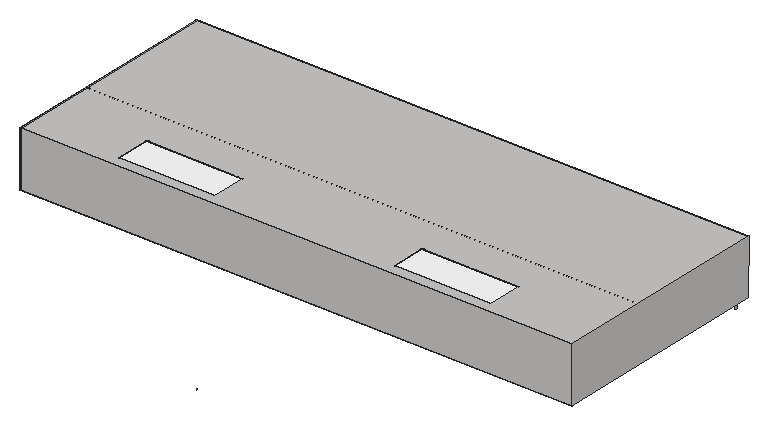
Revit family "QF_ELECTROLUXPROFESSIONAL_640208_EPF1640", category Attrezzature speciali, Revit 2021
Family settings
  Quota connettore circolare = Usa diametro
  Tipo di parte = Normale
  Basato su piano di lavoro = No
  Sempre verticale = Sì
  Taglio con vuoti quando caricato = No
  Condiviso = No
  Punto di calcolo locali = No
Parameters (values of type "Standard")
  Weight = 143.00 kg
  Watts = 0 W
  Volts = 0 V
  URL Manufacturer = "https://www.electroluxprofessional.com/"
  URL = "https://www.electroluxprofessional.com/"
  Steam Supply Size = 0 mm
  Steam Supply Minimum Pressure = 0.0 Pa
  Steam Supply Maximum Pressure = 0.0 Pa
  Steam Consumption per Hour = 0
  Refrigeration Suction Line Size = 0 mm
  Refrigeration Liquid Line Size = 0 mm
  Refrigerant Compressor Remote = yes
  Prospetto di default = 0 mm
  Produttore = "Electrolux Professional"
  Phase = 0
  Modello = "EPF1640"
  Length Actual = 4000 mm  # constant formula
  Item Number = "640208"
  Hot Water Size = 0 mm
  Height Actual = 400 mm  # constant formula
  HP = "0 HP"
  Gas Size = 0 mm
  Gas KW = 0
  Gas Input Pressure = 0 W
  Direct Waste Size = 0 mm
  Descrizione = "304 S/S WALL HOOD+FILTERS 400X160 CM"
  Depth Actual = 1600 mm  # constant formula
  Cycle = 0 Hz
  Condensate Return Size = 0 mm
  Compressed Air Volume = 0.0 L/s
  Compressed Air Size = 0 mm
  Compressed Air Pressure = 0.0 Pa
  Cold Water Size = 0 mm
  Accessory = yes
Reference planes
  plane 1: z = 0
  plane 2 "Center (Left/Right)": x = 150
  plane 3 "LEFT": x = -1850
  plane 4 "RIGHT": x = 2150
  plane 5 "BACK": y = 550
  plane 6 "TOP": z = 2400
  plane 7 "Base": z = 2000
  plane 8: z = 1970
  plane 9 "DrainY": y = 450
  plane 10: x = -1847
  plane 11: y = -720
  plane 12: y = -970
  plane 13 "DrainX": x = 2137
  plane 14 "AOLeft2": x = -500
  plane 15 "AORight1": x = 800
  plane 16: x = 2147
  plane 17: x = -1650
  plane 18: x = 1950
  plane 19: through (0, -449.6, 2399.19) normal (0, -0.5736, 0.8192)
  plane 20: x = 50
  plane 21: x = 250
  plane 22 "Center (Front/Back)": y = -250
  plane 23 "Front": y = -1050
  plane 24 "AOLeft1": x = -1200
  plane 25 "AORight2": x = 1500
Forms (mm)
  Extrusion 1, solid, material "QF_Finishes_Stainless Steel"
    sketch origin (-1850, 0, 360) x (0, 1, 0) y (0, 0, 1)
      loop
        line (550, 1640) -> (550, 2040) -> (-1050, 2040) -> (-1050, 1640) -> (550, 1640)
    from 0 to 3
  Extrusion 2, solid, material "QF_Finishes_Stainless Steel"
    sketch origin (2150, 0, 360) x (0, 1, 0) y (0, 0, 1)
      loop
        line (550, 1640) -> (550, 2040) -> (-1050, 2040) -> (-1050, 1640) -> (550, 1640)
    from 0 to -3
  Extrusion 3, solid, material "QF_Finishes_Stainless Steel"
    sketch origin (150, 0, 360) x (0, 1, 0) y (0, 0, 1)
      loop
        line (-1050, 2040) -> (-1050, 1640) -> (-1040, 1640) -> (-1040, 1640.8) -> (-1049.2, 1640.8) -> (-1049.2, 2039.19) -> (549.2, 2039.19) -> (549.2, 1640.8) -> (540, 1640.8) -> (540, 1640) -> (550, 1640) -> (550, 2040) -> (-1050, 2040)
    from -2000 to 2000
  Extrusion 4, solid, material "QF_Finishes_Stainless Steel"
    sketch origin (0, 0, 2000) x (0, 1, 0) y (-1, 0, 0)
      loop
        circle (450, -2137) r 4.763
    from -30 to 0
  Extrusion 5, void
    sketch origin (0, 0, 2400) x (0, 1, 0) y (-1, 0, 0)
      loop
        line (-720, 500) -> (-720, 1200) -> (-970, 1200) -> (-970, 500) -> (-720, 500)
    from 0 to -10
  Extrusion 6, solid, material "QF_Finishes_Stainless Steel"
    sketch origin (0, 0, 0) x (1, 0, 0) y (0, 1, 0)
      loop
        line (-1850, 550) -> (-1850, 549) -> (-1849, 549) -> (-1849, 550) -> (-1850, 550)
    from 0 to 1
  Extrusion 7, solid, material "QF_Finishes_Stainless Steel"
    sketch origin (150, 0, 360) x (0, 1, 0) y (0, 0, 1)
      loop
        line (-531.515, 1981.832) -> (-534.381, 1985.926) -> (-973.276, 1678.608) -> (-970.553, 1674.415) -> (-531.515, 1981.832)
    from -1800 to -1997
  Extrusion 8, solid, material "QF_Finishes_Stainless Steel"
    sketch origin (150, 0, 360) x (0, 1, 0) y (0, 0, 1)
      loop
        line (-1050, 2039.19) -> (-1050, 1640) -> (-1019.702, 1640) -> (-970.553, 1674.415) -> (-978.723, 1686.995) -> (-979.394, 1686.559) -> (-971.645, 1674.627) -> (-1019.955, 1640.8) -> (-1049.2, 1640.8) -> (-1049.2, 2039.19) -> (-1050, 2039.19)
      loop
        line (-449.6, 2039.19) -> (-450.995, 2039.19) -> (-531.319, 1982.947) -> (-539.464, 1994.578) -> (-540.119, 1994.12) -> (-531.515, 1981.832) -> (-449.6, 2039.19)
    from -1997 to 1997
  Extrusion 9, solid, material "QF_Finishes_Stainless Steel"
    sketch origin (150, 0, 360) x (0, 1, 0) y (0, 0, 1)
      loop
        line (-531.515, 1981.832) -> (-534.381, 1985.926) -> (-973.276, 1678.608) -> (-970.553, 1674.415) -> (-531.515, 1981.832)
    from 1997 to 1800
  Extrusion 10, solid, material "QF_Finishes_Stainless Steel"
    sketch origin (150, 0, 360) x (0, 1, 0) y (0, 0, 1)
      loop
        line (-531.515, 1981.832) -> (-534.381, 1985.926) -> (-973.276, 1678.608) -> (-970.553, 1674.415) -> (-531.515, 1981.832)
    from -100 to 100
  Extrusion 11, solid, material "QF_Finished_Chrome"
    sketch origin (150, 0, 360) x (0, 1, 0) y (0, 0, 1)
      loop
        line (-531.515, 1981.832) -> (-534.381, 1985.926) -> (-973.276, 1678.608) -> (-970.553, 1674.415) -> (-531.515, 1981.832)
    from -1800 to -100
  Extrusion 12, solid, material "QF_Finished_Chrome"
    sketch origin (150, 0, 360) x (0, 1, 0) y (0, 0, 1)
      loop
        line (-531.515, 1981.832) -> (-534.381, 1985.926) -> (-973.276, 1678.608) -> (-970.553, 1674.415) -> (-531.515, 1981.832)
    from 100 to 1800
  Sweep 13, solid, material "QF_Finishes_Stainless Steel"
    path origin (0, 0, 0) x (1, 0, 0) y (0, 1, 0)
      loop
        line (2150, 550) -> (-1850, 550) -> (-1850, -1050) -> (2150, -1050) -> (2150, 550)
    profile origin (2150, -250, 0) x (1, 0, 0) y (0, 0, 1)
      loop
        line (-3, 2000) -> (-3, 2000.8) -> (-19, 2000.8) -> (-19, 2010) -> (-20, 2010) -> (-20, 2000) -> (-3, 2000)
  Extrusion 14, solid, material "QF_Finishes_Stainless Steel"
    sketch origin (150, 0, 0) x (0, 1, 0) y (0, 0, 1)
      loop
        line (108.687, 2305.487) -> (549.2, 2040.8) -> (549.2, 2041.733) -> (109.285, 2306.061) -> (-443.438, 2399.19) -> (-445.739, 2399.19) -> (108.687, 2305.487)
    from -1997 to 1997
  Extrusion 15, void
    sketch origin (0, 0, 2400) x (0, 1, 0) y (-1, 0, 0)
      loop
        line (-720, -1500) -> (-720, -800) -> (-970, -800) -> (-970, -1500) -> (-720, -1500)
    from 0 to -10
Cuts and joins
  Extrusion 5, Extrusion 15 cuts Extrusion 3
  joined: Extrusion 2, Extrusion 3, Sweep 13
Lines and regions (mm)
  symbolic lines, style "SpecialityEquipment", detail levels coarse
    curve 1: line (2150, 550, 2400) -> (-1850, 550, 2400)
    curve 2: line (-1850, 550, 2400) -> (-1850, -1050.8, 2400)
    curve 3: line (2150, -1050.8, 2400) -> (2150, 550, 2400)
    curve 4: line (-1850, 550, 0) -> (2150, -1050, 0)
    curve 5: line (2150, 550, 0) -> (-1850, -1050, 0)
  symbolic lines, detail levels coarse
    curve 6: line (-1850, -1050, 0) -> (2150, -1050, 0)
    curve 7: line (-500, -720, 0) -> (-1200, -720, 0)
    curve 8: line (-500, -970, 0) -> (-500, -720, 0)
    curve 9: line (-1200, -970, 0) -> (-500, -970, 0)
    curve 10: line (-1200, -720, 0) -> (-1200, -970, 0)
    curve 11: line (1500, -720, 0) -> (800, -720, 0)
    curve 12: line (1500, -970, 0) -> (1500, -720, 0)
    curve 13: line (800, -970, 0) -> (1500, -970, 0)
    curve 14: line (800, -720, 0) -> (800, -970, 0)
Dimensions and locks
  plane 3 "LEFT" to plane 4 "RIGHT" = 4000 mm
  equal spacing: plane 3 "LEFT", plane 2 "Center (Left/Right)", plane 4 "RIGHT"
  plane 7 "Base" to plane 8 = 30 mm
  plane 5 "BACK" to plane 9 "DrainY" = 100 mm  (x2)
  plane 3 "LEFT" to plane 10 = 3 mm
  plane 13 "DrainX" to plane 4 "RIGHT" = 13 mm
  plane 16 to plane 4 "RIGHT" = 3 mm
  plane 3 "LEFT" to plane 17 = 200 mm
  plane 18 to plane 4 "RIGHT" = 200 mm
  locked: plane 14 "AOLeft2" to plane 15 "AORight1" at 1300
  equal spacing: plane 14 "AOLeft2", plane 2 "Center (Left/Right)", plane 15 "AORight1"
  locked: plane 7 "Base" to level at 2000
  locked: plane 6 "TOP" to plane 7 "Base" at 400
  locked: plane 20 to plane 21 at 200
  equal spacing: plane 20, plane 2 "Center (Left/Right)", plane 21
  locked: plane 11 to plane 12 at 250
  plane 5 "BACK" to plane 23 "Front" = 1600 mm  (x2)
  equal spacing: plane 5 "BACK", plane 22 "Center (Front/Back)", plane 23 "Front"
  plane 12 to plane 23 "Front" = 80 mm
  plane 24 "AOLeft1" to plane 14 "AOLeft2" = 700 mm
  plane 15 "AORight1" to plane 25 "AORight2" = 700 mm
  aligned and locked: level to plane 1
  aligned and locked: plane 4 "RIGHT" to Extrusion 3
  aligned and locked: Extrusion 3 to plane 3 "LEFT"
  aligned and locked: Extrusion 5 to plane 12
  aligned and locked: Extrusion 5 to plane 11
  aligned and locked: Extrusion 7 to plane 10
  aligned and locked: Extrusion 7 to plane 17
  aligned and locked: Extrusion 2 to plane 16
  aligned and locked: plane 16 to Extrusion 9
  aligned and locked: plane 18 to Extrusion 9
  aligned and locked: Extrusion 10 to plane 21
  aligned and locked: Extrusion 10 to plane 20
  aligned and locked: Extrusion 11 to plane 20
  aligned and locked: plane 17 to Extrusion 11
  aligned and locked: Extrusion 12 to plane 21
  aligned and locked: Extrusion 12 to plane 18
  aligned and locked: Extrusion 14 to plane 10
  aligned and locked: plane 16 to Extrusion 14
  aligned and locked: Extrusion 8 to plane 10
  aligned and locked: Extrusion 8 to plane 16
  aligned and locked: Extrusion 1 to plane 23 "Front"
  aligned and locked: Extrusion 5 to plane 24 "AOLeft1"
  aligned and locked: Extrusion 5 to plane 14 "AOLeft2"
  aligned and locked: plane 15 "AORight1" to Extrusion 15
  aligned and locked: plane 25 "AORight2" to Extrusion 15
Automatic sketch dimensions
  curve 6 to plane 3 "LEFT" = 0 mm
  curve 4 to plane 3 "LEFT" = 0 mm
  curve 5 to plane 4 "RIGHT" = 0 mm
  curve 6 to plane 4 "RIGHT" = 0 mm
  curve 4 to plane 23 "Front" = 0 mm
  curve 5 to plane 5 "BACK" = 0 mm
  curve 4 to plane 5 "BACK" = 0 mm
  curve 2 to plane 3 "LEFT" = 0 mm
  curve 3 to plane 4 "RIGHT" = 0 mm
  curve 2 to plane 5 "BACK" = 0 mm
  curve 3 to plane 23 "Front" = 0.8 mm
  curve 2 to plane 23 "Front" = 0.8 mm
  Extrusion 1 sketch curve to plane 7 "Base" = 0 mm
  Extrusion 1 sketch curve to plane 23 "Front" = 0 mm
  Extrusion 1 sketch curve to plane 5 "BACK" = 0 mm
  Extrusion 1 sketch curve to plane 6 "TOP" = 0 mm
  Extrusion 2 sketch curve to plane 7 "Base" = 0 mm
  Extrusion 2 sketch curve to plane 23 "Front" = 0 mm
  Extrusion 2 sketch curve to plane 5 "BACK" = 0 mm
  Extrusion 2 sketch curve to plane 6 "TOP" = 0 mm
  Extrusion 3 sketch curve to plane 6 "TOP" = 0 mm
  Extrusion 3 sketch curve to plane 23 "Front" = 0 mm
  Extrusion 3 sketch curve to plane 7 "Base" = 0 mm  (x2)
  Extrusion 3 sketch curve to plane 5 "BACK" = 0 mm
  plane 23 "Front" to Extrusion 3 sketch curve = 0.8 mm
  Extrusion 3 sketch curve to Extrusion 3 sketch curve = 9.2 mm
  plane 7 "Base" to Extrusion 3 sketch curve = 0.8 mm  (x2)
  Extrusion 3 sketch curve to plane 5 "BACK" = 10 mm
  Extrusion 3 sketch curve to plane 5 "BACK" = 0.8 mm
  Extrusion 3 sketch curve to plane 6 "TOP" = 0.81 mm
  Extrusion 4 sketch curve to plane 9 "DrainY" = 0 mm
  Extrusion 4 sketch curve to plane 13 "DrainX" = 0 mm
  Extrusion 5 sketch curve to plane 12 = 0 mm
  plane 11 to Extrusion 5 sketch curve = 0 mm
  Extrusion 5 sketch curve to plane 14 "AOLeft2" = 0 mm
  Extrusion 5 sketch curve to plane 24 "AOLeft1" = 0 mm
  Extrusion 6 sketch curve to plane 3 "LEFT" = 0 mm
  Extrusion 6 sketch curve to plane 5 "BACK" = 0 mm
  plane 3 "LEFT" to Extrusion 6 sketch curve = 1 mm
  Extrusion 6 sketch curve to Extrusion 6 sketch curve = 1 mm
  Extrusion 7 sketch curve to plane 19 = 0 mm  (x2)
  Extrusion 7 sketch curve to plane 12 = 3.276 mm
  Extrusion 7 sketch curve to plane 12 = 0.553 mm
  Extrusion 7 sketch curve to plane 6 "TOP" = 54.074 mm
  Extrusion 7 sketch curve to plane 11 = 185.619 mm
  Extrusion 8 sketch curve to plane 23 "Front" = 0 mm
  Extrusion 8 sketch curve to plane 7 "Base" = 0 mm
  Extrusion 8 sketch curve to plane 19 = 0 mm  (x4)
  plane 23 "Front" to Extrusion 8 sketch curve = 0.8 mm
  Extrusion 8 sketch curve to Extrusion 8 sketch curve = 0.252 mm
  Extrusion 8 sketch curve to plane 12 = 9.394 mm
  Extrusion 8 sketch curve to Extrusion 8 sketch curve = 0.671 mm
  Extrusion 8 sketch curve to plane 12 = 1.645 mm
  Extrusion 8 sketch curve to plane 12 = 0.553 mm
  Extrusion 8 sketch curve to plane 6 "TOP" = 45.88 mm
  Extrusion 8 sketch curve to plane 11 = 179.881 mm
  Extrusion 8 sketch curve to plane 6 "TOP" = 45.422 mm
  Extrusion 8 sketch curve to plane 6 "TOP" = 57.053 mm
  Extrusion 8 sketch curve to plane 6 "TOP" = 0.81 mm  (x2)
  plane 7 "Base" to Extrusion 8 sketch curve = 0.8 mm
  Extrusion 8 sketch curve to Extrusion 8 sketch curve = 0.212 mm
  Extrusion 9 sketch curve to plane 19 = 0 mm  (x2)
  Extrusion 9 sketch curve to plane 12 = 3.276 mm
  Extrusion 9 sketch curve to plane 12 = 0.553 mm
  Extrusion 9 sketch curve to plane 6 "TOP" = 54.074 mm
  Extrusion 9 sketch curve to plane 11 = 185.619 mm
  Extrusion 10 sketch curve to plane 19 = 0 mm  (x2)
  Extrusion 10 sketch curve to plane 12 = 3.276 mm
  Extrusion 10 sketch curve to plane 12 = 0.553 mm
  Extrusion 10 sketch curve to plane 6 "TOP" = 54.074 mm
  Extrusion 10 sketch curve to plane 11 = 185.619 mm
  Extrusion 11 sketch curve to plane 19 = 0 mm  (x2)
  Extrusion 11 sketch curve to plane 12 = 3.276 mm
  Extrusion 11 sketch curve to plane 12 = 0.553 mm
  Extrusion 11 sketch curve to plane 6 "TOP" = 54.074 mm
  Extrusion 11 sketch curve to plane 11 = 185.619 mm
  Extrusion 12 sketch curve to plane 19 = 0 mm  (x2)
  Extrusion 12 sketch curve to plane 12 = 3.276 mm
  Extrusion 12 sketch curve to plane 12 = 0.553 mm
  Extrusion 12 sketch curve to plane 6 "TOP" = 54.074 mm
  Extrusion 12 sketch curve to plane 11 = 185.619 mm
  Sweep 13 sketch curve to plane 3 "LEFT" = 0 mm
  Sweep 13 sketch curve to plane 4 "RIGHT" = 0 mm
  Sweep 13 sketch curve to plane 23 "Front" = 0 mm
  Sweep 13 sketch curve to plane 5 "BACK" = 0 mm
  profile plane to Sweep 13 sketch curve = 20 mm
  Sweep 13 sketch curve to Sweep 13 sketch curve = 1 mm
  profile plane to Sweep 13 sketch curve = 3 mm
  level to Sweep 13 sketch curve = 2000 mm
  Sweep 13 sketch curve to Sweep 13 sketch curve = 0.8 mm
  Sweep 13 sketch curve to Sweep 13 sketch curve = 9.2 mm
  Extrusion 14 sketch curve to plane 6 "TOP" = 0.81 mm
  Extrusion 14 sketch curve to plane 22 "Center (Front/Back)" = 195.739 mm
  Extrusion 14 sketch curve to Extrusion 14 sketch curve = 2.3 mm
  Extrusion 14 sketch curve to plane 6 "TOP" = 94.513 mm
  Extrusion 14 sketch curve to plane 9 "DrainY" = 341.313 mm
  Extrusion 14 sketch curve to plane 6 "TOP" = 93.939 mm
  Extrusion 14 sketch curve to Extrusion 14 sketch curve = 0.598 mm
  Extrusion 14 sketch curve to plane 5 "BACK" = 0.8 mm
  plane 7 "Base" to Extrusion 14 sketch curve = 41.733 mm
  Extrusion 14 sketch curve to Extrusion 14 sketch curve = 0.933 mm
  Extrusion 15 sketch curve to plane 12 = 0 mm
  plane 11 to Extrusion 15 sketch curve = 0 mm
  Extrusion 15 sketch curve to plane 14 "AOLeft2" = 2000 mm
  plane 24 "AOLeft1" to Extrusion 15 sketch curve = 2000 mm
  plane 11 to curve 7 = 0 mm
  curve 8 to plane 12 = 0 mm
  curve 8 to plane 14 "AOLeft2" = 0 mm
  curve 9 to plane 24 "AOLeft1" = 0 mm
  plane 11 to curve 11 = 0 mm
  curve 11 to plane 15 "AORight1" = 0 mm
  curve 12 to plane 12 = 0 mm
  curve 12 to plane 25 "AORight2" = 0 mm
  radius of Extrusion 4 sketch curve = 4.763 mm
Connectors
  piping at (2137, 450, 1970), diameter 9.5
    settings: on Extrusion 4, index 1, connector inside diameter 609.6 mm, connector length 0 mm, flow factor 0, pipe flow 0.0 L/s, pressure drop 0.0 Pa, fitting loss kfactor 0, connector angle 0.00°, fixture units 0, engagement length 0 mm, angle of deflection 0.00°, flow configuration 1, flow direction 2, fitting loss method 0, system type 16, joint type 0, gender type 0, connector reference index -1, connector utility 0, adjustable connector no, is connector primary yes, connector description "Drain"
  hvac at (-850, -845, 2400)
    settings: on Extrusion 5, index 2, duct flow 0.0 L/s, flow factor 0, pres drop 0.0 Pa, loss coef 0, conn angle 0.00°, conn width 250 mm, conn height 700 mm, conn diameter 609.6 mm, duct sys type 3, conn prof type 1, flow config 1, flow direction 0, loss method 0, conn ref index -1, conn util no, is conn primary yes, conn desc "EXHAUST OUTLET"
  hvac at (1150, -845, 2400)
    settings: on Extrusion 15, index 3, duct flow 0.0 L/s, flow factor 0, pres drop 0.0 Pa, loss coef 0, conn angle 0.00°, conn width 250 mm, conn height 700 mm, conn diameter 609.6 mm, duct sys type 3, conn prof type 1, flow config 1, flow direction 2, loss method 0, conn ref index -1, conn util no, is conn primary no, conn desc "EXHAUST OUTLET"
